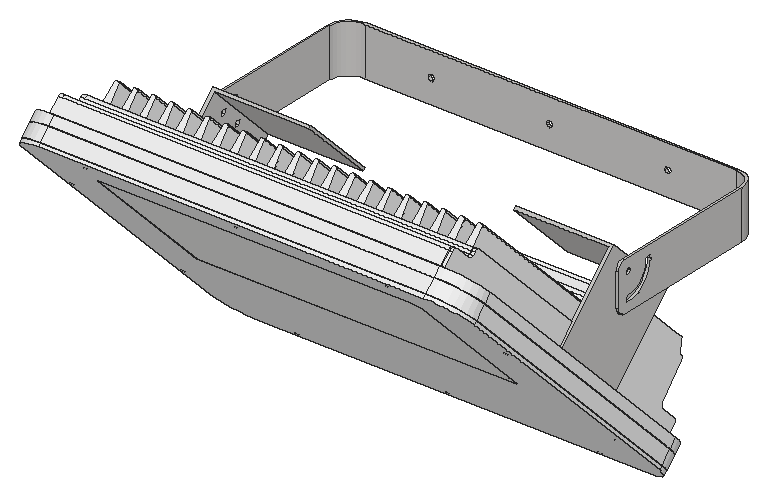
Revit family "FT ATEX LED MAX_2021", category Luminarias, Revit 2021 (continued)
Types (12, lengths in mm): name | Wattage | Power | Position | Archivo de red fotométrica | built-in parameter 1150142 | Modules | Lumens | built-in parameter 1150105 | built-in parameter 1150106 | Equiv MH
    55\t2315.34\t2299.665\t2289.12\t2288.265\t2293.11\t2304.795\t2335.29\t2394.57\r\n2459.265\t2533.935\t2617.44\t2669.595\t2672.445\t2624.85\t2467.815\t2207.04\t1871.31\t1477.44\r\n1041.96\t618.45\t438.045\t368.22\t261.345\t218.31\t0\t0\t0\t0\r\n0\t0\t0\t0\t0\t0\t0\t0\t0\t0\r\n0\t0\t0\t0\t0\t0\t0\t0\t0\t0\r\n0\t0\t0\t0\t0\t0\t0\t0\t0\t0\r\n0\t0\t0\t0\t0\t0\t0\t0\t0\t0\r\n0\r\n4668.3\t4516.11\t4373.325\t4232.82\t4097.16\t3965.775\t3848.355\t3743.19\t3627.765\t3502.935\r\n3340.2\t3156.66\t2999.055\t2855.985\t2731.155\t2625.42\t2537.64\t2464.68\t2404.545\t2356.95\r\n2321.325\t2296.245\t2278.575\t2264.61\t2262.045\t2265.75\t2273.16\t2293.11\t2343.84\t2422.785\r\n2482.92\t2559.015\t2643.945\t2696.1\t2689.545\t2610.315\t2426.205\t2158.875\t1794.645\t1425.855\r\n990.375\t560.025\t421.515\t351.12\t266.76\t219.735\t0\t0\t0\t0\r\n0\t0\t0\t0\t0\t0\t0\t0\t0\t0\r\n0\t0\t0\t0\t0\t0\t0\t0\t0\t0\r\n0\t0\t0\t0\t0\t0\t0\t0\t0\t0\r\n0\t0\t0\t0\t0\t0\t0\t0\t0\t0\r\n0\r\n4672.29\t4515.255\t4367.625\t4224.27\t4086.33\t3953.235\t3833.82\t3728.655\t3607.245\t3476.145\r\n3301.155\t3115.05\t2952.315\t2809.53\t2684.13\t2580.105\t2493.465\t2422.215\t2368.92\t2324.745\r\n2294.25\t2272.02\t2250.645\t2240.955\t2246.655\t2248.65\t2261.76\t2291.685\t2360.085\t2437.605\r\n2501.445\t2587.8\t2659.335\t2703.225\t2696.955\t2606.895\t2419.08\t2131.8\t1749.9\t1307.01\r\n760.95\t403.845\t348.555\t300.105\t245.955\t213.75\t0\t0\t0\t0\r\n0\t0\t0\t0\t0\t0\t0\t0\t0\t0\r\n0\t0\t0\t0\t0\t0\t0\t0\t0\t0\r\n0\t0\t0\t0\t0\t0\t0\t0\t0\t0\r\n0\t0\t0\t0\t0\t0\t0\t0\t0\t0\r\n0\r\n4667.16\t4506.705\t4356.225\t4212.585\t4071.795\t3939.27\t3819\t3707.565\t3584.445\t3447.645\r\n3262.11\t3072.87\t2908.71\t2765.925\t2645.94\t2541.06\t2458.695\t2393.145\t2344.41\t2303.655\r\n2275.725\t2253.21\t2236.965\t2234.115\t2236.395\t2246.655\t2266.605\t2306.22\t2377.47\t2443.305\r\n2498.025\t2590.365\t2653.35\t2690.97\t2673.585\t2582.67\t2395.995\t2097.6\t1668.675\t978.69\r\n517.845\t335.16\t308.085\t265.335\t222.3\t199.785\t0\t0\t0\t0\r\n0\t0\t0\t0\t0\t0\t0\t0\t0\t0\r\n0\t0\t0\t0\t0\t0\t0\t0\t0\t0\r\n0\t0\t0\t0\t0\t0\t0\t0\t0\t0\r\n0\t0\t0\t0\t0\t0\t0\t0\t0\t0\r\n0\r\n4670.295\t4506.135\t4354.23\t4209.735\t4069.8\t3936.135\t3814.44\t3697.875\t3573.045\t3429.69\r\n3242.445\t3053.205\t2887.335\t2739.705\t2621.43\t2519.115\t2437.32\t2374.905\t2327.88\t2290.26\r\n2270.025\t2250.645\t2238.96\t2236.965\t2243.52\t2251.215\t2270.595\t2309.64\t2378.895\t2436.18\r\n2500.875\t2587.8\t2645.94\t2679.57\t2665.89\t2588.655\t2405.685\t2095.605\t1526.745\t814.245\r\n448.875\t302.1\t277.02\t240.255\t210.33\t197.79\t0\t0\t0\t0\r\n0\t0\t0\t0\t0\t0\t0\t0\t0\t0\r\n0\t0\t0\t0\t0\t0\t0\t0\t0\t0\r\n0\t0\t0\t0\t0\t0\t0\t0\t0\t0\r\n0\t0\t0\t0\t0\t0\t0\t0\t0\t0\r\n0\r\n4663.74\t4499.58\t4345.68\t4199.19\t4060.11\t3926.73\t3803.895\t3685.335\t3558.51\t3412.02\r\n3220.215\t3033.255\t2869.095\t2723.175\t2604.9\t2504.295\t2427.06\t2370.06\t2328.45\t2292.255\r\n2273.73\t2261.19\t2256.63\t2252.07\t2259.195\t2260.62\t2280.285\t2322.465\t2401.695\t2459.835\r\n2537.925\t2613.165\t2663.895\t2679\t2644.8\t2567.28\t2386.59\t2069.955\t1368.57\t739.575\r\n411.825\t288.42\t261.345\t233.7\t222.87\t217.17\t0\t0\t0\t0\r\n0\t0\t0\t0\t0\t0\t0\t0\t0\t0\r\n0\t0\t0\t0\t0\t0\t0\t0\t0\t0\r\n0\t0\t0\t0\t0\t0\t0\t0\t0\t0\r\n0\t0\t0\t0\t0\t0\t0\t0\t0\t0\r\n0\r\n4670.295\t4504.14\t4349.1\t4203.18\t4063.815\t3930.72\t3808.455\t3687.33\t3559.935\t3413.445\r\n3221.925\t3034.68\t2868.525\t2725.17\t2605.185\t2506.86\t2438.175\t2382.6\t2341.845\t2303.37\r\n2281.71\t2275.725\t2290.83\t2282.565\t2275.725\t2283.135\t2295.675\t2330.445\t2413.095\t2480.355\r\n2550.18\t2614.305\t2661.045\t2679.57\t2638.245\t2560.725\t2388.015\t2079.075\t1367.715\t756.675\r\n415.53\t290.985\t257.925\t230.28\t222.87\t219.165\t0\t0\t0\t0\r\n0\t0\t0\t0\t0\t0\t0\t0\t0\t0\r\n0\t0\t0\t0\t0\t0\t0\t0\t0\t0\r\n0\t0\t0\t0\t0\t0\t0\t0\t0\t0\r\n0\t0\t0\t0\t0\t0\t0\t0\t0\t0\r\n0\r\n4661.745\t4498.155\t4343.115\t4199.19\t4061.25\t3928.155\t3806.745\t3685.905\t3557.085\t3411.45\r\n3219.36\t3030.69\t2866.53\t2725.74\t2606.895\t2508.855\t2434.755\t2376.615\t2331.87\t2295.675\r\n2273.16\t2259.48\t2267.745\t2259.48\t2251.5\t2259.195\t2278.29\t2324.745\t2403.12\t2461.26\r\n2535.075\t2599.77\t2652.495\t2675.01\t2628.27\t2552.175\t2385.165\t2080.5\t1398.78\t750.405\r\n419.52\t292.125\t267.9\t239.685\t216.315\t213.75\t0\t0\t0\t0\r\n0\t0\t0\t0\t0\t0\t0\t0\t0\t0\r\n0\t0\t0\t0\t0\t0\t0\t0\t0\t0\r\n0\t0\t0\t0\t0\t0\t0\t0\t0\t0\r\n0\t0\t0\t0\t0\t0\t0\t0\t0\t0\r\n0\r\n4662.6\t4500.72\t4347.105\t4206.6\t4068.66\t3938.7\t3817.29\t3695.025\t3567.915\t3423.99\r\n3235.32\t3048.36\t2883.63\t2740.275\t2621.43\t2518.545\t2440.74\t2378.61\t2331.3\t2290.83\r\n2267.175\t2247.51\t2238.105\t2241.525\t2236.965\t2242.665\t2263.755\t2306.79\t2374.05\t2429.055\r\n2500.02\t2577.825\t2625.42\t2659.05\t2632.26\t2550.465\t2392.005\t2112.99\t1583.745\t864.405\r\n474.525\t313.5\t289.56\t246.24\t211.755\t202.635\t0\t0\t0\t0\r\n0\t0\t0\t0\t0\t0\t0\t0\t0\t0\r\n0\t0\t0\t0\t0\t0\t0\t0\t0\t0\r\n0\t0\t0\t0\t0\t0\t0\t0\t0\t0\r\n0\t0\t0\t0\t0\t0\t0\t0\t0\t0\r\n0\r\n4654.62\t4496.16\t4344.255\t4204.605\t4069.8\t3937.845\t3819.285\t3699.87\t3576.18\t3433.68\r\n3249.57\t3065.46\t2902.155\t2760.795\t2640.81\t2541.06\t2458.41\t2395.14\t2345.265\t2305.65\r\n2275.725\t2253.495\t2240.955\t2246.085\t2242.095\t2242.95\t2260.05\t2300.805\t2362.935\t2435.325\r\n2502.87\t2585.805\t2626.275\t2667.885\t2653.35\t2557.02\t2403.12\t2150.325\t1759.02\t1103.235\r\n564.3\t361.095\t321.48\t269.895\t222.87\t205.2\t0\t0\t0\t0\r\n0\t0\t0\t0\t0\t0\t0\t0\t0\t0\r\n0\t0\t0\t0\t0\t0\t0\t0\t0\t0\r\n0\t0\t0\t0\t0\t0\t0\t0\t0\t0\r\n0\t0\t0\t0\t0\t0\t0\t0\t0\t0\r\n0\r\n4659.18\t4505.565\t4358.79\t4219.14\t4084.62\t3951.24\t3836.385\t3722.1\t3600.12\t3466.17\r\n3289.185\t3109.35\t2946.045\t2807.535\t2683.56\t2579.82\t2495.46\t2427.06\t2373.48\t2330.445\r\n2296.815\t2272.02\t2252.64\t2248.935\t2258.055\t2254.635\t2263.185\t2286.27\t2340.99\t2416.23\r\n2488.905\t2578.11\t2633.4\t2684.985\t2690.97\t2615.73\t2449.29\t2217.87\t1867.89\t1439.25\r\n862.98\t457.425\t362.235\t300.105\t243.39\t217.17\t0\t0\t0\t0\r\n0\t0\t0\t0\t0\t0\t0\t0\t0\t0\r\n0\t0\t0\t0\t0\t0\t0\t0\t0\t0\r\n0\t0\t0\t0\t0\t0\t0\t0\t0\t0\r\n0\t0\t0\t0\t0\t0\t0\t0\t0\t0\r\n0\r\n4649.205\t4501.575\t4360.785\t4223.13\t4091.745\t3961.785\t3847.5\t3739.2\t3620.64\t3490.68\r\n3328.23\t3152.1\t2996.205\t2855.13\t2734.575\t2630.265\t2544.48\t2469.24\t2410.53\t2366.925\r\n2332.725\t2303.655\t2282.28\t2271.735\t2272.02\t2274.585\t2272.59\t2286.84\t2331.87\t2399.985\r\n2463.825\t2557.59\t2623.425\t2676.435\t2698.665\t2641.95\t2483.49\t2246.655\t1903.515\t1493.97\r\n1032.555\t612.465\t428.07\t338.01\t253.935\t220.305\t0\t0\t0\t0\r\n0\t0\t0\t0\t0\t0\t0\t0\t0\t0\r\n0\t0\t0\t0\t0\t0\t0\t0\t0\t0\r\n0\t0\t0\t0\t0\t0\t0\t0\t0\t0\r\n0\t0\t0\t0\t0\t0\t0\t0\t0\t0\r\n0\r\n4653.765\t4510.695\t4372.185\t4238.805\t4112.265\t3986.01\t3871.44\t3767.13\t3657.69\t3534\r\n3387.795\t3218.79\t3069.735\t2927.805\t2806.395\t2698.095\t2610.885\t2529.945\t2466.39\t2421.075\r\n2382.6\t2349.54\t2322.75\t2305.365\t2296.815\t2297.67\t2294.82\t2299.38\t2331.3\t2388.015\r\n2442.165\t2533.935\t2610.885\t2667.03\t2704.65\t2673.87\t2532.51\t2287.125\t1945.98\t1572.915\r\n1132.305\t667.755\t453.15\t352.83\t254.79\t219.165\t0\t0\t0\t0\r\n0\t0\t0\t0\t0\t0\t0\t0\t0\t0\r\n0\t0\t0\t0\t0\t0\t0\t0\t0\t0\r\n0\t0\t0\t0\t0\t0\t0\t0\t0\t0\r\n0\t0\t0\t0\t0\t0\t0\t0\t0\t0\r\n0\r\n4648.635\t4514.685\t4383.87\t4254.765\t4131.36\t4007.385\t3895.665\t3794.205\t3692.46\t3576.18\r\n3446.22\t3288.045\t3146.115\t3010.74\t2889.33\t2780.745\t2690.685\t2611.17\t2539.635\t2487.48\r\n2445.87\t2408.25\t2377.47\t2355.525\t2342.415\t2334.435\t2331.87\t2329.305\t2345.835\t2386.02\r\n2443.305\t2524.53\t2603.76\t2683.56\t2735.145\t2714.625\t2597.775\t2352.96\t2025.21\t1652.145\r\n1227.21\t723.045\t459.99\t346.56\t258.78\t220.875\t0\t0\t0\t0\r\n0\t0\t0\t0\t0\t0\t0\t0\t0\t0\r\n0\t0\t0\t0\t0\t0\t0\t0\t0\t0\r\n0\t0\t0\t0\t0\t0\t0\t0\t0\t0\r\n0\t0\t0\t0\t0\t0\t0\t0\t0\t0\r\n0\r\n4649.775\t4524.375\t4399.83\t4276.995\t4159.575\t4042.155\t3932.145\t3832.395\t3735.21\t3627.765\r\n3515.475\t3373.83\t3240.45\t3109.92\t2991.645\t2883.345\t2793.285\t2713.2\t2632.83\t2574.12\r\n2528.52\t2490.33\t2454.705\t2428.2\t2410.53\t2396.565\t2387.16\t2382.03\t2382.885\t2405.97\r\n2438.745\t2508.57\t2599.77\t2682.135\t2764.785\t2791.86\t2680.995\t2459.265\t2156.31\t1792.08\r\n1376.55\t855\t450.585\t342.57\t261.915\t223.725\t0\t0\t0\t0\r\n0\t0\t0\t0\t0\t0\t0\t0\t0\t0\r\n0\t0\t0\t0\t0\t0\t0\t0\t0\t0\r\n0\t0\t0\t0\t0\t0\t0\t0\t0\t0\r\n0\t0\t0\t0\t0\t0\t0\t0\t0\t0\r\n0\r\n4645.785\t4530.36\t4413.795\t4298.085\t4184.085\t4074.36\t3969.48\t3873.15\t3779.67\t3679.92\r\n3580.17\t3456.195\t3333.645\t3211.38\t3097.38\t2995.065\t2909.28\t2833.47\t2744.835\t2682.135\r\n2634.255\t2595.78\t2562.15\t2527.95\t2507.43\t2486.34\t2470.38\t2458.695\t2450.715\t2448.72\r\n2469.24\t2510.85\t2598.345\t2671.02\t2738.28\t2824.065\t2713.77\t2519.115\t2262.615\t1921.47\r\n1489.125\t924.54\t498.18\t354.255\t271.32\t226.29\t0\t0\t0\t0\r\n0\t0\t0\t0\t0\t0\t0\t0\t0\t0\r\n0\t0\t0\t0\t0\t0\t0\t0\t0\t0\r\n0\t0\t0\t0\t0\t0\t0\t0\t0\t0\r\n0\t0\t0\t0\t0\t0\t0\t0\t0\t0\r\n0\r\n4645.215\t4540.905\t4434.03\t4326.585\t4218.57\t4120.815\t4021.92\t3928.725\t3840.375\t3753.165\r\n3659.4\t3553.095\t3439.095\t3327.66\t3217.935\t3122.46\t3041.805\t2975.115\t2890.755\t2814.375\r\n2768.775\t2731.725\t2698.95\t2667.03\t2632.26\t2616.3\t2594.64\t2571.27\t2548.47\t2536.5\r\n2536.5\t2557.02\t2610.885\t2678.145\t2704.65\t2789.01\t2776.47\t2607.18\t2395.14\t2095.035\r\n1724.82\t1124.325\t660.63\t396.435\t282.435\t239.4\t0\t0\t0\t0\r\n0\t0\t0\t0\t0\t0\t0\t0\t0\t0\r\n0\t0\t0\t0\t0\t0\t0\t0\t0\t0\r\n0\t0\t0\t0\t0\t0\t0\t0\t0\t0\r\n0\t0\t0\t0\t0\t0\t0\t0\t0\t0\r\n0\r\n4641.51\t4547.175\t4448.85\t4349.67\t4251.345\t4161\t4072.08\t3984.3\t3902.505\t3821.28\r\n3736.635\t3646.86\t3539.985\t3442.23\t3339.345\t3251.565\t3178.605\t3119.895\t3041.805\t2962.575\r\n2915.265\t2879.64\t2849.715\t2817.51\t2788.44\t2757.66\t2729.73\t2710.635\t2681.565\t2649.36\r\n2636.82\t2655.345\t2661.33\t2704.08\t2723.175\t2742.27\t2761.365\t2652.495\t2525.955\t2289.69\r\n1990.155\t1468.035\t849.87\t490.77\t306.66\t250.8\t0\t0\t0\t0\r\n0\t0\t0\t0\t0\t0\t0\t0\t0\t0\r\n0\t0\t0\t0\t0\t0\t0\t0\t0\t0\r\n0\t0\t0\t0\t0\t0\t0\t0\t0\t0\r\n0\t0\t0\t0\t0\t0\t0\t0\t0\t0\r\n0\r\n4645.215\t4563.42\t4474.5\t4385.865\t4296.375\t4214.295\t4131.93\t4051.275\t3976.89\t3904.215\r\n3824.415\t3746.04\t3655.41\t3565.92\t3474.15\t3391.785\t3329.085\t3277.5\t3214.8\t3122.46\r\n3073.725\t3043.23\t3014.73\t2985.945\t2958.015\t2931.51\t2904.15\t2874.795\t2843.16\t2815.515\r\n2794.425\t2778.75\t2747.685\t2733.15\t2719.185\t2702.655\t2700.09\t2671.875\t2605.185\t2470.38\r\n2269.17\t1904.94\t1305.3\t625.005\t330.6\t253.935\t0\t0\t0\t0\r\n0\t0\t0\t0\t0\t0\t0\t0\t0\t0\r\n0\t0\t0\t0\t0\t0\t0\t0\t0\t0\r\n0\t0\t0\t0\t0\t0\t0\t0\t0\t0\r\n0\t0\t0\t0\t0\t0\t0\t0\t0\t0\r\n0\r\n4639.515\t4568.835\t4491.6\t4410.375\t4332\t4259.325\t4184.085\t4112.835\t4045.575\t3977.46\r\n3909.06\t3836.385\t3762.285\t3677.355\t3602.115\t3523.455\t3475.29\t3437.1\t3390.36\t3292.035\r\n3243.015\t3214.8\t3184.305\t3159.225\t3132.15\t3109.065\t3086.835\t3057.765\t3023.565\t2989.935\r\n2962.005\t2916.69\t2892.18\t2849.145\t2798.415\t2763.93\t2715.195\t2704.08\t2693.535\t2689.545\r\n2607.18\t2279.145\t1796.07\t944.205\t436.335\t280.44\t0\t0\t0\t0\r\n0\t0\t0\t0\t0\t0\t0\t0\t0\t0\r\n0\t0\t0\t0\t0\t0\t0\t0\t0\t0\r\n0\t0\t0\t0\t0\t0\t0\t0\t0\t0\r\n0\t0\t0\t0\t0\t0\t0\t0\t0\t0\r\n0\r\n4641.51\t4583.94\t4518.675\t4448.85\t4379.88\t4316.04\t4252.2\t4187.505\t4123.95\t4061.25\r\n3998.835\t3936.135\t3873.15\t3804.18\t3740.055\t3675.93\t3630.615\t3612.66\t3582.45\t3491.25\r\n3437.1\t3405.465\t3386.37\t3360.435\t3337.635\t3311.7\t3290.61\t3268.95\t3248.43\t3229.335\r\n3192.855\t3159.225\t3131.58\t3071.73\t2985.945\t2906.43\t2843.445\t2806.965\t2808.39\t2812.095\r\n2828.055\t2570.13\t2118.12\t1334.37\t658.635\t329.745\t0\t0\t0\t0\r\n0\t0\t0\t0\t0\t0\t0\t0\t0\t0\r\n0\t0\t0\t0\t0\t0\t0\t0\t0\t0\r\n0\t0\t0\t0\t0\t0\t0\t0\t0\t0\r\n0\t0\t0\t0\t0\t0\t0\t0\t0\t0\r\n0\r\n4636.665\t4591.35\t4537.77\t4478.205\t4420.35\t4365.63\t4312.05\t4252.77\t4196.055\t4137.345\r\n4080.63\t4028.475\t3976.32\t3923.31\t3868.59\t3815.295\t3779.1\t3771.69\t3759.72\t3698.445\r\n3630.33\t3604.68\t3592.995\t3582.165\t3565.635\t3549.96\t3536.28\t3528.87\t3521.46\t3514.335\r\n3484.695\t3477.285\t3441.66\t3361.86\t3268.095\t3172.05\t3054.345\t2977.965\t2915.835\t2916.69\r\n2870.805\t2694.96\t2267.745\t1568.355\t882.93\t403.845\t0\t0\t0\t0\r\n0\t0\t0\t0\t0\t0\t0\t0\t0\t0\r\n0\t0\t0\t0\t0\t0\t0\t0\t0\t0\r\n0\t0\t0\t0\t0\t0\t0\t0\t0\t0\r\n0\t0\t0\t0\t0\t0\t0\t0\t0\t0\r\n0\r\n4634.1\t4604.46\t4562.85\t4515.825\t4468.515\t4424.34\t4379.88\t4328.58\t4276.995\t4226.835\r\n4175.535\t4127.37\t4085.19\t4047\t4005.96\t3962.355\t3928.155\t3932.145\t3937.275\t3921.6\r\n3838.38\t3814.44\t3808.74\t3814.44\t3813.3\t3821.85\t3827.265\t3839.52\t3860.895\t3879.99\r\n3885.975\t3881.13\t3834.96\t3742.05\t3653.7\t3549.96\t3396.915\t3247.575\t3072.87\t2921.25\r\n2816.37\t2633.97\t2297.67\t1584.315\t864.405\t430.065\t0\t0\t0\t0\r\n0\t0\t0\t0\t0\t0\t0\t0\t0\t0\r\n0\t0\t0\t0\t0\t0\t0\t0\t0\t0\r\n0\t0\t0\t0\t0\t0\t0\t0\t0\t0\r\n0\t0\t0\t0\t0\t0\t0\t0\t0\t0\r\n0\r\n4630.965\t4614.15\t4585.365\t4551.735\t4515.255\t4483.05\t4446\t4404.96\t4361.64\t4316.04\r\n4267.875\t4228.83\t4194.63\t4165.56\t4137.345\t4105.71\t4071.795\t4084.62\t4104.855\t4123.38\r\n4057.545\t4029.615\t4040.16\t4062.675\t4084.62\t4117.965\t4155.015\t4199.76\t4256.475\t4326.015\r\n4371.615\t4390.425\t4354.23\t4279.845\t4187.505\t4047\t3832.965\t3575.04\t3272.655\t2965.425\r\n2671.875\t2360.37\t1967.07\t1331.52\t726.465\t428.355\t0\t0\t0\t0\r\n0\t0\t0\t0\t0\t0\t0\t0\t0\t0\r\n0\t0\t0\t0\t0\t0\t0\t0\t0\t0\r\n0\t0\t0\t0\t0\t0\t0\t0\t0\t0\r\n0\t0\t0\t0\t0\t0\t0\t0\t0\t0\r\n0\r\n4668.585\t4663.17\t4650.63\t4627.545\t4604.46\t4580.805\t4552.875\t4522.095\t4487.04\t4448.565\r\n4408.38\t4374.75\t4343.115\t4317.18\t4294.95\t4277.28\t4257.33\t4263.885\t4288.395\t4333.14\r\n4319.175\t4287.54\t4311.48\t4353.09\t4408.95\t4480.2\t4560.855\t4661.175\t4796.265\t4950.735\r\n5071.005\t5155.365\t5208.09\t5216.07\t5123.16\t4917.96\t4561.425\t4114.83\t3586.155\t2946.9\r\n2340.99\t1846.8\t1354.605\t808.26\t441.465\t321.195\t0\t0\t0\t0\r\n0\t0\t0\t0\t0\t0\t0\t0\t0\t0\r\n0\t0\t0\t0\t0\t0\t0\t0\t0\t0\r\n0\t0\t0\t0\t0\t0\t0\t0\t0\t0\r\n0\t0\t0\t0\t0\t0\t0\t0\t0\t0\r\n0\r\n4675.71\t4685.4\t4687.68\t4681.41\t4671.15\t4657.185\t4642.65\t4624.98\t4602.465\t4573.965\r\n4546.89\t4522.665\t4495.02\t4470.51\t4455.975\t4450.56\t4446\t4452.555\t4478.49\t4524.375\r\n4574.535\t4541.76\t4560\t4618.425\t4700.22\t4809.09\t4938.765\t5102.07\t5311.26\t5564.625\r\n5798.895\t5997.255\t6164.265\t6279.12\t6226.965\t5990.13\t5570.895\t4920.525\t3946.68\t2945.475\r\n2191.935\t1529.025\t955.605\t530.67\t387.315\t291.555\t0\t0\t0\t0\r\n0\t0\t0\t0\t0\t0\t0\t0\t0\t0\r\n0\t0\t0\t0\t0\t0\t0\t0\t0\t0\r\n0\t0\t0\t0\t0\t0\t0\t0\t0\t0\r\n0\t0\t0\t0\t0\t0\t0\t0\t0\t0\r\n0\r\n4690.245\t4716.75\t4733.565\t4741.545\t4746.105\t4746.96\t4744.395\t4740.975\t4732.995\t4719.03\r\n4704.21\t4689.675\t4674.855\t4668.3\t4661.745\t4656.615\t4660.32\t4671.72\t4716.75\t4768.05\r\n4831.89\t4840.44\t4841.295\t4921.095\t5034.525\t5176.455\t5343.465\t5553.795\t5842.215\t6203.31\r\n6553.575\t6875.625\t7177.155\t7379.22\t7386.915\t7165.755\t6662.445\t5690.595\t4362.78\t3154.665\r\n2177.4\t1373.13\t786.6\t500.745\t360.24\t279.3\t0\t0\t0\t0\r\n0\t0\t0\t0\t0\t0\t0\t0\t0\t0\r\n0\t0\t0\t0\t0\t0\t0\t0\t0\t0\r\n0\t0\t0\t0\t0\t0\t0\t0\t0\t0\r\n0\t0\t0\t0\t0\t0\t0\t0\t0\t0\r\n0\r\n4686.255\t4727.865\t4758.93\t4783.155\t4802.535\t4818.78\t4832.745\t4843.86\t4853.265\t4855.26\r\n4855.83\t4854.975\t4852.41\t4858.965\t4863.81\t4872.36\t4883.475\t4900.575\t4954.155\t5010.87\r\n5085.255\t5132.28\t5122.305\t5196.405\t5320.95\t5472.855\t5668.65\t5907.48\t6246.915\t6655.32\r\n7118.445\t7567.035\t8001.09\t8365.035\t8499.555\t8357.625\t7737.18\t6577.515\t5342.61\t3837.525\r\n2525.955\t1505.085\t837.33\t511.86\t365.655\t280.44\t0\t0\t0\t0\r\n0\t0\t0\t0\t0\t0\t0\t0\t0\t0\r\n0\t0\t0\t0\t0\t0\t0\t0\t0\t0\r\n0\t0\t0\t0\t0\t0\t0\t0\t0\t0\r\n0\t0\t0\t0\t0\t0\t0\t0\t0\t0\r\n0\r\n4689.675\t4746.39\t4794.27\t4832.745\t4867.515\t4897.44\t4931.64\t4958.715\t4986.93\t5005.74\r\n5022.555\t5037.09\t5049.915\t5069.01\t5088.675\t5108.34\t5127.72\t5146.815\t5173.32\t5266.8\r\n5344.89\t5413.86\t5422.695\t5466.3\t5575.17\t5728.215\t5923.44\t6173.385\t6508.83\t6991.05\r\n7520.295\t8102.265\t8710.74\t9326.055\t9696.555\t9715.365\t8922.495\t7641.135\t6394.545\t4542.33\r\n3039.24\t1832.265\t1018.875\t580.545\t369.36\t279.87\t0\t0\t0\t0\r\n0\t0\t0\t0\t0\t0\t0\t0\t0\t0\r\n0\t0\t0\t0\t0\t0\t0\t0\t0\t0\r\n0\t0\t0\t0\t0\t0\t0\t0\t0\t0\r\n0\t0\t0\t0\t0\t0\t0\t0\t0\t0\r\n0\r\n4691.385\t4760.07\t4825.335\t4880.34\t4929.075\t4981.8\t5032.53\t5078.985\t5123.73\t5160.495\r\n5196.12\t5224.05\t5253.69\t5281.905\t5313.825\t5344.89\t5373.96\t5396.19\t5418.135\t5485.965\r\n5571.75\t5652.12\t5712.255\t5702.28\t5774.385\t5908.335\t6086.46\t6321.87\t6643.35\t7151.505\r\n7825.815\t8533.185\t9389.61\t10275.105\t10987.89\t11315.64\t10646.46\t9144.795\t7367.25\t5523.585\r\n3613.8\t2229.555\t1342.065\t794.295\t471.96\t305.52\t0\t0\t0\t0\r\n0\t0\t0\t0\t0\t0\t0\t0\t0\t0\r\n0\t0\t0\t0\t0\t0\t0\t0\t0\t0\r\n0\t0\t0\t0\t0\t0\t0\t0\t0\t0\r\n0\t0\t0\t0\t0\t0\t0\t0\t0\t0\r\n0\r\n4690.815\t4774.035\t4851.84\t4926.51\t4993.2\t5064.165\t5129.715\t5194.41\t5257.11\t5312.97\r\n5363.13\t5411.295\t5455.755\t5496.51\t5536.695\t5575.74\t5611.365\t5634.45\t5670.645\t5701.71\r\n5771.82\t5861.88\t5931.99\t5930.565\t5954.505\t6073.065\t6242.07\t6472.92\t6806.37\t7361.835\r\n8096.85\t8989.185\t9991.53\t11111.01\t11871.96\t12089.7\t11668.755\t10500.825\t8300.91\t5932.845\r\n4048.14\t2494.32\t1541.28\t937.65\t562.02\t347.7\t0\t0\t0\t0\r\n0\t0\t0\t0\t0\t0\t0\t0\t0\t0\r\n0\t0\t0\t0\t0\t0\t0\t0\t0\t0\r\n0\t0\t0\t0\t0\t0\t0\t0\t0\t0\r\n0\t0\t0\t0\t0\t0\t0\t0\t0\t0\r\n0\r\n4688.82\t4784.58\t4878.06\t4968.69\t5055.9\t5142.825\t5227.185\t5307.84\t5382.51\t5460.03\r\n5527.005\t5594.265\t5654.97\t5707.695\t5755.86\t5800.605\t5839.08\t5866.725\t5914.89\t5918.31\r\n5941.395\t6036.3\t6112.68\t6158.28\t6181.365\t6274.56\t6459.24\t6738.825\t7144.665\t7708.965\r\n8514.09\t9445.755\t10410.195\t11298.54\t11804.7\t12068.04\t12066.045\t10816.32\t8500.125\t5762.415\r\n3905.64\t2631.975\t1722.255\t1082.715\t649.8\t391.305\t0\t0\t0\t0\r\n0\t0\t0\t0\t0\t0\t0\t0\t0\t0\r\n0\t0\t0\t0\t0\t0\t0\t0\t0\t0\r\n0\t0\t0\t0\t0\t0\t0\t0\t0\t0\r\n0\t0\t0\t0\t0\t0\t0\t0\t0\t0\r\n0\r\n4692.24\t4801.11\t4905.42\t5012.01\t5116.32\t5222.055\t5326.08\t5421.27\t5513.04\t5607.375\r\n5694.3\t5774.955\t5847.63\t5912.04\t5966.475\t6015.21\t6056.82\t6093.015\t6132.63\t6151.725\r\n6174.81\t6216.42\t6304.2\t6378.015\t6484.32\t6588.63\t6822.9\t7175.73\t7658.235\t8334.54\r\n9117.72\t9881.235\t10458.36\t10820.31\t11423.37\t11633.13\t10743.645\t9528.69\t7295.715\t4876.065\r\n3272.94\t2291.685\t1568.355\t1039.395\t655.785\t405.84\t0\t0\t0\t0\r\n0\t0\t0\t0\t0\t0\t0\t0\t0\t0\r\n0\t0\t0\t0\t0\t0\t0\t0\t0\t0\r\n0\t0\t0\t0\t0\t0\t0\t0\t0\t0\r\n0\t0\t0\t0\t0\t0\t0\t0\t0\t0\r\n0\r\n4684.26\t4805.67\t4921.095\t5043.93\t5168.475\t5290.74\t5409.585\t5525.01\t5635.59\t5740.755\r\n5838.795\t5933.985\t6018.915\t6096.15\t6165.405\t6223.545\t6266.01\t6316.74\t6368.04\t6389.415\r\n6413.07\t6441.285\t6515.385\t6642.495\t6797.535\t7027.53\t7310.535\t7740.03\t
    8321.43\t8983.77\r\n9579.705\t10014.33\t10391.955\t10847.67\t10826.01\t9585.69\t8337.105\t7043.775\t5133.42\t3453.63\r\n2373.48\t1676.655\t1181.61\t816.24\t552.33\t336.015\t0\t0\t0\t0\r\n0\t0\t0\t0\t0\t0\t0\t0\t0\t0\r\n0\t0\t0\t0\t0\t0\t0\t0\t0\t0\r\n0\t0\t0\t0\t0\t0\t0\t0\t0\t0\r\n0\t0\t0\t0\t0\t0\t0\t0\t0\t0\r\n0\r\n4676.28\t4808.805\t4936.2\t5074.71\t5214.645\t5353.155\t5491.38\t5625.045\t5752.44\t5869.86\r\n5982.15\t6087.6\t6179.94\t6267.72\t6345.81\t6415.065\t6469.215\t6531.06\t6585.78\t6628.245\r\n6662.445\t6710.04\t6800.955\t6967.11\t7210.215\t7519.725\t7916.73\t8446.83\t9037.065\t9558.615\r\n9905.46\t10246.605\t10653.015\t10585.185\t9144.795\t7466.145\t5826.255\t4203.75\t2931.795\t2050.86\r\n1455.495\t1028.565\t725.04\t512.145\t367.65\t257.925\t0\t0\t0\t0\r\n0\t0\t0\t0\t0\t0\t0\t0\t0\t0\r\n0\t0\t0\t0\t0\t0\t0\t0\t0\t0\r\n0\t0\t0\t0\t0\t0\t0\t0\t0\t0\r\n0\t0\t0\t0\t0\t0\t0\t0\t0\t0\r\n0\r\n4666.59\t4810.8\t4949.31\t5099.22\t5253.69\t5410.155\t5563.77\t5716.245\t5858.175\t5991.27\r\n6114.96\t6230.385\t6335.265\t6429.03\t6519.09\t6594.33\t6656.46\t6733.695\t6787.275\t6855.105\r\n6907.83\t6995.61\t7143.525\t7370.955\t7675.905\t8065.215\t8561.4\t9122.85\t9638.985\t9998.085\r\n10319.85\t10747.065\t10769.865\t9275.61\t7475.55\t5643.57\t3948.675\t2724.315\t1897.815\t1349.475\r\n972.705\t698.25\t507.585\t372.21\t281.58\t212.61\t0\t0\t0\t0\r\n0\t0\t0\t0\t0\t0\t0\t0\t0\t0\r\n0\t0\t0\t0\t0\t0\t0\t0\t0\t0\r\n0\t0\t0\t0\t0\t0\t0\t0\t0\t0\r\n0\t0\t0\t0\t0\t0\t0\t0\t0\t0\r\n0\r\n4673.145\t4822.77\t4971.825\t5133.42\t5301.855\t5472.57\t5641.005\t5807.445\t5963.625\t6108.12\r\n6244.635\t6373.455\t6488.88\t6595.755\t6694.08\t6780.72\t6852.54\t6931.77\t6989.91\t7065.72\r\n7147.515\t7284.6\t7515.45\t7817.835\t8200.02\t8682.24\t9252.24\t9771.51\t10160.82\t10478.31\r\n10925.76\t11182.545\t9815.97\t7843.485\t5904.915\t4052.13\t2757.66\t1892.97\t1344.63\t969.855\r\n723.9\t528.675\t392.73\t304.095\t244.815\t199.785\t0\t0\t0\t0\r\n0\t0\t0\t0\t0\t0\t0\t0\t0\t0\r\n0\t0\t0\t0\t0\t0\t0\t0\t0\t0\r\n0\t0\t0\t0\t0\t0\t0\t0\t0\t0\r\n0\t0\t0\t0\t0\t0\t0\t0\t0\t0\r\n0\r\n4668.3\t4826.76\t4984.365\t5154.225\t5332.92\t5514.465\t5695.725\t5876.415\t6046.845\t6200.745\r\n6348.945\t6483.465\t6612.855\t6730.56\t6839.145\t6940.32\t7036.08\t7134.975\t7207.365\t7287.45\r\n7376.37\t7555.065\t7840.35\t8198.025\t8647.185\t9214.05\t9776.925\t10239.48\t10575.495\t10966.515\r\n11457\t10844.535\t8767.17\t6808.935\t4646.64\t3103.08\t2114.13\t1491.12\t1085.28\t806.835\r\n632.13\t479.085\t352.26\t277.02\t227.145\t189.24\t0\t0\t0\t0\r\n0\t0\t0\t0\t0\t0\t0\t0\t0\t0\r\n0\t0\t0\t0\t0\t0\t0\t0\t0\t0\r\n0\t0\t0\t0\t0\t0\t0\t0\t0\t0\r\n0\t0\t0\t0\t0\t0\t0\t0\t0\t0\r\n0\r\n4672.29\t4835.88\t4999.47\t5181.87\t5367.975\t5559.21\t5754.435\t5943.105\t6120.66\t6285.105\r\n6438.15\t6578.085\t6711.18\t6834.585\t6952.86\t7068.285\t7185.705\t7302.555\t7406.01\t7511.175\r\n7652.25\t7869.99\t8159.55\t8564.25\t9073.545\t9674.61\t10201.29\t10617.675\t10983.615\t11446.455\r\n11569.86\t9987.255\t8009.07\t5637.015\t3685.335\t2471.235\t1713.705\t1247.16\t929.67\t700.245\r\n558.885\t440.61\t333.165\t263.91\t218.31\t182.685\t0\t0\t0\t0\r\n0\t0\t0\t0\t0\t0\t0\t0\t0\t0\r\n0\t0\t0\t0\t0\t0\t0\t0\t0\t0\r\n0\t0\t0\t0\t0\t0\t0\t0\t0\t0\r\n0\t0\t0\t0\t0\t0\t0\t0\t0\t0\r\n0\r\n4667.16\t4836.735\t5005.455\t5194.125\t5386.785\t5587.71\t5790.06\t5984.145\t6169.395\t6342.39\r\n6498.285\t6644.49\t6782.43\t6909.255\t7031.235\t7154.64\t7280.895\t7413.42\t7537.965\t7669.92\r\n7854.885\t8129.34\t8473.62\t8909.1\t9446.325\t9983.55\t10479.165\t10896.69\t11316.495\t11808.405\r\n11400\t9415.83\t7477.83\t4876.065\t3162.645\t2135.22\t1505.655\t1121.19\t834.765\t624.15\r\n498.18\t392.73\t302.955\t245.955\t204.06\t172.14\t0\t0\t0\t0\r\n0\t0\t0\t0\t0\t0\t0\t0\t0\t0\r\n0\t0\t0\t0\t0\t0\t0\t0\t0\t0\r\n0\t0\t0\t0\t0\t0\t0\t0\t0\t0\r\n0\t0\t0\t0\t0\t0\t0\t0\t0\t0\r\n0\r\n4670.295\t4842.435\t5014.86\t5206.95\t5404.74\t5612.505\t5820.555\t6022.905\t6210.435\t6387.135\r\n6543.6\t6690.09\t6826.605\t6954.285\t7081.395\t7208.79\t7347.3\t7488.09\t7619.76\t7780.785\r\n7998.525\t8316.015\t8720.43\t9214.05\t9792.6\t10337.805\t10802.925\t11182.545\t11638.26\t12070.035\r\n11153.475\t9115.725\t6756.21\t4229.685\t2784.45\t1889.265\t1349.475\t1024.86\t736.44\t562.02\r\n448.59\t356.25\t281.01\t231.705\t193.515\t154.47\t0\t0\t0\t0\r\n0\t0\t0\t0\t0\t0\t0\t0\t0\t0\r\n0\t0\t0\t0\t0\t0\t0\t0\t0\t0\r\n0\t0\t0\t0\t0\t0\t0\t0\t0\t0\r\n0\t0\t0\t0\t0\t0\t0\t0\t0\t0\r\n0\r\n4663.74\t4838.16\t5014.005\t5205.525\t5407.305\t5617.92\t5828.535\t6031.455\t6222.405\t6401.1\r\n6556.14\t6702.63\t6840\t6972.525\t7101.06\t7229.31\t7371.24\t7517.73\t7658.805\t7833.795\r\n8077.755\t8421.465\t8845.83\t9366.525\t9968.16\t10520.49\t10998.15\t11427.93\t11937.795\t12290.34\r\n11124.975\t9085.515\t6345.24\t3974.325\t2640.525\t1785.525\t1287.345\t977.265\t690.27\t534.375\r\n426.36\t337.155\t267.9\t222.3\t184.68\t147.63\t0\t0\t0\t0\r\n0\t0\t0\t0\t0\t0\t0\t0\t0\t0\r\n0\t0\t0\t0\t0\t0\t0\t0\t0\t0\r\n0\t0\t0\t0\t0\t0\t0\t0\t0\t0\r\n0\t0\t0\t0\t0\t0\t0\t0\t0\t0\r\n0" | "8" | 26800 lm | 2132.7 (stored number, unit not read) | 21.327 (stored number, unit not read) | 400 W
